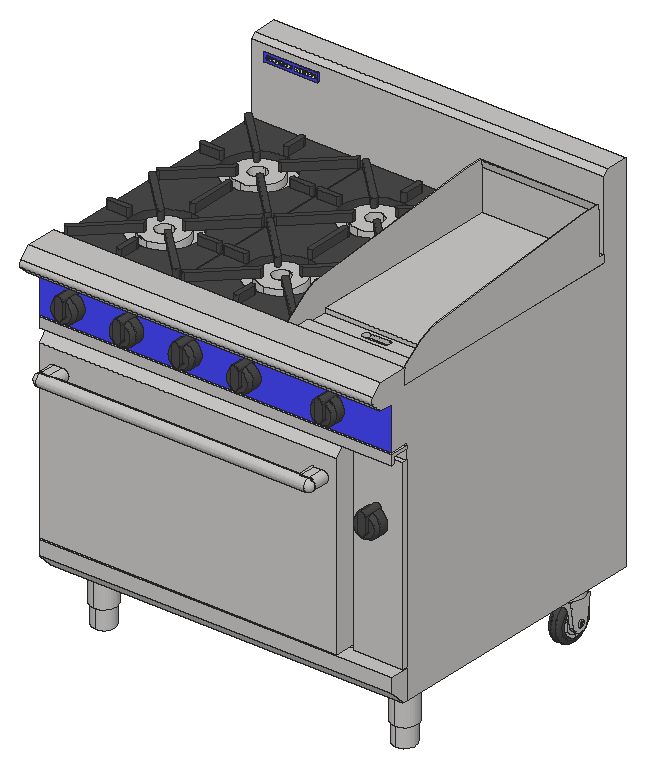
Revit family "QF_MOFFAT_BLUESEAL_CE_G506C", category Specialty Equipment, Revit 2012 (continued)
Automatic sketch dimensions
  Extrusion 24 sketch curve to Extrusion 24 sketch curve = 36.5 mm
  Extrusion 25 sketch curve to plane 19 = 0 mm
  Extrusion 25 sketch curve to plane 19 = 19.393 mm
  Extrusion 25 sketch curve to plane 19 = 31.75 mm
  plane 19 to Extrusion 25 sketch curve = 19.393 mm
  plane 19 to Extrusion 25 sketch curve = 31.75 mm
  level to Extrusion 25 sketch curve = 45.111 mm
  Extrusion 25 sketch curve to Extrusion 25 sketch curve = 4.889 mm
  Extrusion 25 sketch curve to Extrusion 25 sketch curve = 64.889 mm
  Revolve 26 sketch curve to plane 19 = 0 mm  (x2)
  Revolve 26 sketch curve to plane 19 = 35.75 mm
  Revolve 26 sketch curve to level = 55 mm
  level to Revolve 26 sketch curve = 50 mm
  Revolve 26 sketch curve to Revolve 26 sketch curve = 60 mm
  Revolve 26 sketch curve to Revolve 26 sketch curve = 40 mm
  Revolve 27 sketch curve to plane 19 = 0 mm  (x2)
  Revolve 27 sketch curve to plane 19 = 35.75 mm
  level to Revolve 27 sketch curve = 150 mm
  Revolve 27 sketch curve to Revolve 27 sketch curve = 40 mm
  level to Revolve 27 sketch curve = 50 mm
  Revolve 27 sketch curve to level = 55 mm
  Revolve 28 sketch curve to plane 16 = 34.382 mm
  Revolve 28 sketch curve to Revolve 28 sketch curve = 1.27 mm  (x4)
  Revolve 28 sketch curve to Revolve 28 sketch curve = 1.524 mm  (x2)
  Revolve 28 sketch curve to Revolve 28 sketch curve = 12.146 mm  (x2)
  Revolve 28 sketch curve to plane 16 = 16.68 mm
  Revolve 28 sketch curve to Revolve 28 sketch curve = 0.794 mm  (x2)
  Revolve 28 sketch curve to Revolve 28 sketch curve = 3.57 mm
  Revolve 28 sketch curve to Revolve 28 sketch curve = 2.143 mm
  Revolve 28 sketch curve to plane 16 = 6.361 mm
  plane 16 to Revolve 28 sketch curve = 5.13 mm
  plane 16 to Revolve 28 sketch curve = 6.339 mm
  plane 16 to Revolve 28 sketch curve = 14.515 mm
  Revolve 28 sketch curve to Revolve 28 sketch curve = 1.349 mm  (x2)
  Revolve 28 sketch curve to Revolve 28 sketch curve = 3.556 mm
  Revolve 28 sketch curve to plane 4 "RIGHT" = 2.18 mm
  level to Revolve 28 sketch curve = 50.8 mm
  Revolve 28 sketch curve to Revolve 28 sketch curve = 0 mm
  Revolve 28 sketch curve to Revolve 28 sketch curve = 3.505 mm  (x2)
  Revolve 28 sketch curve to Revolve 28 sketch curve = 3.447 mm  (x2)
  Revolve 28 sketch curve to Revolve 28 sketch curve = 9.964 mm
  Revolve 28 sketch curve to Revolve 28 sketch curve = 10.045 mm
  Revolve 28 sketch curve to Revolve 28 sketch curve = 2.053 mm
  Revolve 28 sketch curve to Revolve 28 sketch curve = 2.061 mm
  Revolve 28 sketch curve to Revolve 28 sketch curve = 8.247 mm
  Revolve 28 sketch curve to Revolve 28 sketch curve = 8.336 mm
  Revolve 28 sketch curve to Revolve 28 sketch curve = 6.35 mm  (x2)
  Extrusion 29 sketch curve to plane 19 = 0 mm
  Extrusion 29 sketch curve to plane 19 = 19.393 mm
  Extrusion 29 sketch curve to plane 19 = 31.75 mm
  plane 19 to Extrusion 29 sketch curve = 19.393 mm
  plane 19 to Extrusion 29 sketch curve = 31.75 mm
  level to Extrusion 29 sketch curve = 45.111 mm
  Extrusion 29 sketch curve to Extrusion 29 sketch curve = 4.889 mm
  Extrusion 29 sketch curve to Extrusion 29 sketch curve = 64.889 mm
  Revolve 30 sketch curve to level = 0 mm
  Revolve 30 sketch curve to plane 19 = 0 mm  (x2)
  Revolve 30 sketch curve to Revolve 30 sketch curve = 27.5 mm
  Revolve 30 sketch curve to Revolve 30 sketch curve = 31.75 mm
  Revolve 30 sketch curve to level = 55 mm
  Revolve 30 sketch curve to Revolve 30 sketch curve = 50 mm
  Revolve 30 sketch curve to Revolve 30 sketch curve = 0 mm
  Revolve 30 sketch curve to Revolve 30 sketch curve = 100 mm
  Revolve 31 sketch curve to level = 0 mm
  Revolve 31 sketch curve to plane 19 = 0 mm  (x2)
  Revolve 31 sketch curve to Revolve 31 sketch curve = 27.5 mm
  Revolve 31 sketch curve to Revolve 31 sketch curve = 31.75 mm
  level to Revolve 31 sketch curve = 50 mm
  Revolve 31 sketch curve to Revolve 31 sketch curve = 0 mm
  Revolve 31 sketch curve to Revolve 31 sketch curve = 100 mm
  Revolve 31 sketch curve to Revolve 31 sketch curve = 55 mm
  plane 14 to Revolve 32 sketch curve = 25.382 mm
  Revolve 32 sketch curve to Revolve 32 sketch curve = 1.27 mm  (x4)
  Revolve 32 sketch curve to Revolve 32 sketch curve = 1.524 mm  (x2)
  plane 14 to Revolve 32 sketch curve = 10.442 mm
  plane 14 to Revolve 32 sketch curve = 7.68 mm
  Revolve 32 sketch curve to Revolve 32 sketch curve = 0.794 mm  (x2)
  Revolve 32 sketch curve to Revolve 32 sketch curve = 3.57 mm
  Revolve 32 sketch curve to Revolve 32 sketch curve = 2.143 mm
  Revolve 32 sketch curve to plane 14 = 2.639 mm
  Revolve 32 sketch curve to plane 11 = 0.13 mm
  Revolve 32 sketch curve to plane 11 = 1.339 mm
  Revolve 32 sketch curve to plane 11 = 9.515 mm
  Revolve 32 sketch curve to Revolve 32 sketch curve = 1.349 mm  (x2)
  Revolve 32 sketch curve to Revolve 32 sketch curve = 3.556 mm
  Revolve 32 sketch curve to Revolve 32 sketch curve = 12.146 mm
  Revolve 32 sketch curve to plane 3 "LEFT" = 2.68 mm
  level to Revolve 32 sketch curve = 101.6 mm
  Revolve 32 sketch curve to Revolve 32 sketch curve = 6.35 mm  (x4)
  Revolve 32 sketch curve to Revolve 32 sketch curve = 8.247 mm
  Revolve 32 sketch curve to Revolve 32 sketch curve = 8.336 mm
  Revolve 32 sketch curve to Revolve 32 sketch curve = 2.061 mm
  Revolve 32 sketch curve to Revolve 32 sketch curve = 2.053 mm
  Revolve 32 sketch curve to Revolve 32 sketch curve = 10.045 mm
  Revolve 32 sketch curve to Revolve 32 sketch curve = 9.964 mm
  Revolve 32 sketch curve to Revolve 32 sketch curve = 3.447 mm  (x2)
  Revolve 32 sketch curve to Revolve 32 sketch curve = 3.505 mm
  plane 21 to Extrusion 33 sketch curve = 0 mm
  Extrusion 33 sketch curve to plane 21 = 3 mm  (x2)
  plane 10 to Extrusion 33 sketch curve = 36.504 mm
  plane 12 to Extrusion 33 sketch curve = 67.472 mm
  plane 19 to Extrusion 33 sketch curve = 26 mm  (x2)
  Extrusion 33 sketch curve to Extrusion 33 sketch curve = 3 mm
  plane 14 to Extrusion 33 sketch curve = 76 mm  (x2)
  plane 9 to Extrusion 33 sketch curve = 17 mm
  Extrusion 34 sketch curve to Extrusion 33 = 19.102 mm  (x4)
  Extrusion 34 sketch curve to Extrusion 34 sketch curve = 4.525 mm  (x32)
  Extrusion 34 sketch curve to Extrusion 33 = 27.593 mm  (x2)
  Extrusion 34 sketch curve to Extrusion 34 sketch curve = 48.456 mm  (x8)
  Extrusion 34 sketch curve to Extrusion 34 sketch curve = 50.976 mm  (x2)
  Extrusion 34 sketch curve to Extrusion 34 sketch curve = 0 mm  (x11)
  Extrusion 33 to Extrusion 34 sketch curve = 9.908 mm  (x2)
  Extrusion 34 sketch curve to Extrusion 34 sketch curve = 27.39 mm  (x4)
  Extrusion 34 sketch curve to Extrusion 34 sketch curve = 6.4 mm  (x14)
  Extrusion 34 sketch curve to Extrusion 34 sketch curve = 20.658 mm  (x4)
  Extrusion 34 sketch curve to Extrusion 34 sketch curve = 55.923 mm  (x2)
  Extrusion 33 to Extrusion 34 sketch curve = 6.102 mm  (x3)
  Extrusion 34 sketch curve to Extrusion 34 sketch curve = 128.581 mm  (x3)
  Extrusion 34 sketch curve to Extrusion 33 = 6.102 mm  (x2)
  Extrusion 34 sketch curve to Extrusion 33 = 5.102 mm  (x3)
  Extrusion 34 sketch curve to Extrusion 33 = 14.153 mm
  Extrusion 34 sketch curve to Extrusion 34 sketch curve = 12.205 mm  (x4)
  Extrusion 34 sketch curve to Extrusion 33 = 15.153 mm  (x2)
  Extrusion 33 to Extrusion 34 sketch curve = 15.153 mm
  Extrusion 34 sketch curve to Extrusion 34 sketch curve = 112.454 mm  (x2)
  Extrusion 34 sketch curve to Extrusion 34 sketch curve = 59.673 mm  (x2)
  Extrusion 34 sketch curve to Extrusion 34 sketch curve = 17.024 mm  (x3)
  Extrusion 34 sketch curve to Extrusion 34 sketch curve = 46.847 mm  (x4)
  Extrusion 34 sketch curve to Extrusion 34 sketch curve = 62.169 mm  (x2)
  Extrusion 34 sketch curve to Extrusion 33 = 36.153 mm  (x3)
  Extrusion 34 sketch curve to Extrusion 33 = 23.4 mm  (x2)
  Extrusion 34 sketch curve to Extrusion 33 = 9.156 mm  (x2)
  Extrusion 34 sketch curve to Extrusion 34 sketch curve = 55.413 mm  (x4)
  Extrusion 34 sketch curve to Extrusion 34 sketch curve = 20.524 mm  (x6)
  Extrusion 34 sketch curve to Extrusion 34 sketch curve = 53.847 mm  (x8)
  Extrusion 34 sketch curve to Extrusion 33 = 58.364 mm
  Extrusion 34 sketch curve to Extrusion 34 sketch curve = 55.661 mm  (x4)
  Extrusion 34 sketch curve to Extrusion 33 = 9.908 mm  (x2)
  Extrusion 34 sketch curve to Extrusion 34 sketch curve = 128.447 mm  (x3)
  Extrusion 36 sketch curve to plane 7 "Center Y" = 0 mm  (x2)
  plane 21 to Extrusion 36 sketch curve = 0 mm
  Extrusion 36 sketch curve to plane 21 = 3 mm  (x2)
  plane 10 to Extrusion 36 sketch curve = 36.504 mm
  plane 12 to Extrusion 36 sketch curve = 67.472 mm
  plane 19 to Extrusion 36 sketch curve = 26 mm  (x2)
  Extrusion 36 sketch curve to Extrusion 36 sketch curve = 3 mm
  plane 9 to Extrusion 36 sketch curve = 23 mm
  curve 23 to curve 27 = 0 mm  (x2)
  curve 37 to curve 39 = 0 mm  (x2)
  curve 37 to curve 41 = 0 mm  (x2)
  curve 45 to curve 47 = 0 mm  (x2)
  curve 51 to curve 53 = 0 mm  (x2)
  curve 51 to curve 55 = 0 mm  (x2)
  curve 49 to plane 7 "Center Y" = 0 mm
  curve 45 to plane 7 "Center Y" = 0 mm
  curve 51 to plane 7 "Center Y" = 0 mm
  plane 12 to curve 42 = 45.472 mm
  plane 14 to curve 42 = 76 mm
  plane 14 to curve 28 = 76 mm
  curve 26 to curve 23 = 0 mm
  curve 39 to curve 41 = 22 mm
  plane 12 to curve 55 = 67.472 mm
  curve 55 to curve 51 = 22 mm
  curve 54 to curve 55 = 35 mm
  curve 39 to curve 41 = 35 mm
  curve 38 to curve 39 = 28 mm
  curve 51 to curve 53 = 28 mm
  curve 25 to plane 8 "Center X" = 46.768 mm
  curve 50 to plane 8 "Center X" = 46.768 mm
  curve 49 to curve 46 = 27.732 mm
  curve 25 to curve 23 = 27.732 mm
  curve 45 to curve 48 = 35 mm
  curve 23 to curve 28 = 35 mm
  curve 27 to curve 28 = 22 mm
  curve 47 to curve 45 = 22 mm
  curve 23 to curve 25 = 0.268 mm
  curve 45 to curve 50 = 0.268 mm
  Extrusion 35 sketch curve to Extrusion 35 sketch curve = 0 mm  (x8)
  Extrusion 35 sketch curve to plane 7 "Center Y" = 0 mm  (x2)
  plane 12 to Extrusion 35 sketch curve = 67.472 mm  (x2)
  plane 10 to Extrusion 35 sketch curve = 36.772 mm  (x2)
  plane 14 to Extrusion 35 sketch curve = 76 mm  (x2)
  plane 1 "BACK" to curve 1 = 0 mm
  curve 1 to plane 3 "LEFT" = 0 mm
  plane 5 "FRONT" to curve 9 = 0 mm
  plane 21 to curve 6 = 0 mm
  plane 3 "LEFT" to curve 31 = 8.27 mm
  plane 3 "LEFT" to curve 44 = 8.27 mm
  plane 3 "LEFT" to curve 34 = 8.27 mm
  plane 3 "LEFT" to curve 29 = 8.27 mm
  plane 3 "LEFT" to curve 20 = 9.26 mm
  plane 3 "LEFT" to curve 35 = 9.26 mm
  plane 3 "LEFT" to curve 9 = 22.65 mm
  curve 10 to plane 11 = 11.111 mm
  curve 9 to plane 11 = 9.192 mm
  curve 20 to plane 11 = 0.74 mm
  curve 35 to plane 11 = 0.74 mm
  plane 14 to curve 34 = 47.407 mm
  plane 14 to curve 44 = 47.407 mm
  plane 14 to curve 29 = 47.407 mm
  plane 10 to curve 31 = 11.679 mm
  plane 14 to curve 31 = 47.407 mm
  curve 18 to plane 12 = 26.806 mm
  curve 34 to curve 18 = 28.581 mm
  curve 19 to plane 21 = 23.732 mm
  plane 14 to curve 19 = 76.034 mm
  curve 44 to curve 32 = 28.628 mm
  curve 44 to curve 43 = 57.187 mm
  plane 12 to curve 33 = 35.379 mm
  curve 34 to curve 33 = 57.187 mm
  curve 29 to curve 21 = 57.187 mm
  plane 10 to curve 30 = 11.679 mm
  curve 30 to curve 21 = 0 mm
  curve 36 to plane 9 = 39.959 mm
  curve 22 to plane 9 = 39.959 mm
  plane 9 to curve 43 = 11.73 mm
  plane 9 to curve 33 = 11.73 mm
  plane 9 to curve 30 = 11.73 mm
  plane 9 to curve 21 = 11.73 mm
  plane 9 to curve 22 = 11.767 mm
  plane 9 to curve 36 = 11.767 mm
  curve 15 to plane 21 = 3.3 mm
  plane 9 to curve 15 = 20 mm
  plane 8 "Center X" to curve 62 = 6.73 mm
  curve 21 to curve 62 = 16.539 mm
  curve 30 to curve 64 = 16.539 mm
  curve 33 to curve 67 = 16.539 mm
  plane 19 to curve 71 = 7.73 mm
  curve 43 to curve 71 = 16.539 mm
  curve 22 to curve 59 = 17.493 mm
  curve 36 to curve 68 = 17.493 mm
  curve 59 to curve 59 = 50 mm
  curve 68 to curve 68 = 50 mm
  plane 10 to curve 64 = 11.679 mm
  curve 64 to plane 7 "Center Y" = 28.593 mm
  curve 71 to plane 7 "Center Y" = 28.593 mm
  curve 62 to plane 7 "Center Y" = 28.593 mm
  curve 67 to plane 7 "Center Y" = 28.593 mm
  curve 57 to plane 7 "Center Y" = 0.012 mm
  plane 7 "Center Y" to curve 58 = 0.034 mm
  plane 7 "Center Y" to curve 65 = 0.034 mm
  plane 10 to curve 63 = 11.679 mm
  plane 7 "Center Y" to curve 63 = 28.593 mm
  plane 7 "Center Y" to curve 60 = 28.593 mm
  plane 7 "Center Y" to curve 66 = 28.593 mm
  plane 7 "Center Y" to curve 70 = 28.593 mm
  curve 66 to curve 69 = 61.447 mm
  curve 63 to curve 61 = 61.447 mm
  plane 8 "Center X" to curve 60 = 6.73 mm
  plane 7 "Center Y" to curve 60 = 141.73 mm
  plane 19 to curve 70 = 7.73 mm
  plane 7 "Center Y" to curve 70 = 141.73 mm
  curve 66 to plane 13 = 17.758 mm
  curve 66 to curve 60 = 0 mm
  curve 63 to plane 21 = 29.27 mm
  plane 7 "Center Y" to curve 63 = 141.73 mm
  curve 69 to curve 69 = 51.727 mm
  curve 61 to curve 61 = 51.727 mm
  curve 70 to curve 16 = 8.27 mm
  plane 5 "FRONT" to curve 10 = 14.544 mm
  curve 10 to plane 16 = 112.642 mm
  curve 11 to curve 11 = 25.191 mm
  curve 13 to plane 16 = 74.5 mm
  curve 12 to curve 10 = 392.303 mm
  curve 58 to plane 21 = 23.732 mm
  curve 7 to curve 31 = 25.97 mm
  curve 15 to curve 64 = 25.97 mm
  curve 30 to curve 64 = 0 mm
  curve 58 to curve 58 = 52.71 mm
  curve 19 to curve 19 = 52.71 mm
  plane 10 to curve 61 = 36.638 mm
  plane 10 to curve 22 = 36.638 mm
  plane 10 to curve 59 = 36.638 mm
  plane 10 to curve 20 = 36.638 mm
  curve 31 to curve 29 = 50.187 mm
  curve 63 to curve 60 = 50.187 mm
  curve 30 to curve 21 = 50.187 mm
  curve 64 to curve 62 = 50.187 mm
  curve 18 to plane 8 "Center X" = 42.358 mm
  curve 57 to plane 8 "Center X" = 42.358 mm
  plane 8 "Center X" to curve 21 = 6.73 mm
  plane 8 "Center X" to curve 29 = 6.73 mm
  curve 21 to curve 33 = 16.539 mm
  curve 33 to curve 67 = 0 mm
  curve 17 to curve 34 = 8.27 mm
  curve 57 to plane 12 = 26.806 mm
  plane 12 to curve 34 = 35.379 mm
  plane 12 to curve 66 = 35.379 mm
  plane 12 to curve 67 = 35.379 mm
  plane 12 to curve 36 = 63.972 mm
  curve 36 to curve 68 = 0 mm
  plane 12 to curve 69 = 63.972 mm
  plane 12 to curve 35 = 63.972 mm
  curve 33 to curve 43 = 64.187 mm
  curve 67 to curve 71 = 64.187 mm
  curve 71 to curve 70 = 0 mm
  curve 44 to curve 43 = 0 mm
  curve 32 to plane 19 = 49.16 mm
  curve 65 to plane 19 = 49.16 mm
  plane 19 to curve 65 = 3.719 mm
  plane 19 to curve 32 = 3.719 mm
  plane 19 to curve 44 = 7.73 mm
  plane 19 to curve 43 = 7.73 mm
  curve 43 to curve 15 = 19.536 mm
  curve 8 to curve 4 = 2.734 mm
  Split face 1 sketch curve to cut or joined group of Extrusion 1, Extrusion 19 = 27.115 mm
  Split face 1 sketch curve to cut or joined group of Extrusion 1, Extrusion 19 = 626.545 mm
  Split face 1 sketch curve to Split face 1 sketch curve = 4.041 mm  (x4)
  Split face 1 sketch curve to Split face 1 sketch curve = 8.66 mm  (x2)
  Split face 1 sketch curve to cut or joined group of Extrusion 1, Extrusion 19 = 12.115 mm
  Split face 1 sketch curve to Split face 1 sketch curve = 223.917 mm
  Split face 1 sketch curve to Split face 1 sketch curve = 7 mm  (x3)
  Split face 1 sketch curve to Split face 1 sketch curve = 17 mm
  Split face 2 sketch curve to cut or joined group of Extrusion 1, Extrusion 19 = 27.115 mm
  Split face 2 sketch curve to cut or joined group of Extrusion 1, Extrusion 19 = 326.545 mm
  Split face 2 sketch curve to cut or joined group of Extrusion 1, Extrusion 19 = 23.385 mm
  Split face 2 sketch curve to Split face 2 sketch curve = 4.041 mm  (x3)
  Split face 2 sketch curve to Split face 2 sketch curve = 8.66 mm  (x3)
  Split face 2 sketch curve to cut or joined group of Extrusion 1, Extrusion 19 = 12.115 mm
  Split face 2 sketch curve to Split face 2 sketch curve = 223.917 mm
  Split face 2 sketch curve to cut or joined group of Extrusion 1, Extrusion 19 = 18.385 mm
  Split face 2 sketch curve to Split face 2 sketch curve = 10 mm
  Split face 2 sketch curve to Split face 2 sketch curve = 7 mm
  Split face 3 sketch curve to cut or joined group of Extrusion 1, Extrusion 19 = 27.115 mm
  Split face 3 sketch curve to cut or joined group of Extrusion 1, Extrusion 19 = 26.545 mm
  Split face 3 sketch curve to cut or joined group of Extrusion 1, Extrusion 19 = 23.385 mm
  Split face 3 sketch curve to Split face 3 sketch curve = 4.041 mm  (x4)
  Split face 3 sketch curve to Split face 3 sketch curve = 8.66 mm  (x2)
  Split face 3 sketch curve to cut or joined group of Extrusion 1, Extrusion 19 = 22.115 mm
  Split face 3 sketch curve to Split face 3 sketch curve = 223.917 mm
  Split face 3 sketch curve to cut or joined group of Extrusion 1, Extrusion 19 = 17.115 mm
  Split face 3 sketch curve to Split face 3 sketch curve = 17 mm
  Split face 3 sketch curve to Split face 3 sketch curve = 7 mm
  curve 78 to plane 17 = 1.385 mm
  plane 3 "LEFT" to curve 78 = 24.134 mm
  curve 78 to plane 17 = 8.385 mm
  curve 78 to curve 78 = 4.041 mm
  plane 17 to curve 79 = 3.615 mm
  curve 79 to curve 79 = 8.66 mm
  curve 77 to curve 77 = 8.66 mm
  plane 17 to curve 73 = 3.615 mm
  curve 73 to plane 9 = 19.247 mm
  curve 75 to plane 17 = 3.385 mm
  curve 73 to curve 75 = 4.041 mm
  plane 17 to curve 74 = 8.615 mm
  plane 17 to curve 75 = 1.615 mm
  curve 75 to plane 9 = 6.545 mm
  curve 81 to plane 17 = 1.385 mm
  plane 9 to curve 81 = 44.134 mm
  curve 82 to curve 83 = 4.041 mm
  curve 81 to curve 80 = 8.66 mm
  curve 83 to plane 17 = 3.385 mm
  curve 81 to curve 83 = 4.041 mm
  plane 17 to curve 87 = 13.615 mm
  curve 87 to curve 16 = 39.247 mm
  curve 85 to plane 17 = 3.385 mm
  curve 87 to curve 85 = 4.041 mm
  plane 17 to curve 86 = 8.615 mm
  curve 80 to curve 86 = 8.66 mm
  plane 17 to curve 85 = 1.615 mm
  curve 86 to curve 85 = 4.041 mm
  curve 94 to plane 17 = 1.385 mm
  curve 16 to curve 94 = 24.134 mm
  curve 94 to plane 17 = 8.385 mm
  curve 94 to curve 94 = 4.041 mm
  plane 17 to curve 88 = 13.615 mm
  curve 95 to curve 88 = 8.66 mm
  curve 94 to curve 92 = 8.66 mm
  plane 16 to curve 88 = 26.253 mm
  curve 89 to curve 92 = 4.041 mm
  plane 17 to curve 90 = 8.615 mm
  curve 88 to curve 90 = 8.66 mm
  plane 17 to curve 90 = 1.615 mm
  curve 89 to curve 90 = 4.041 mm
  curve 93 to curve 94 = 5 mm
  plane 8 "Center X" to curve 17 = 15 mm
  curve 60 to curve 17 = 9.686 mm
  curve 4 to curve 96 = 12.5 mm
  curve 97 to plane 5 "FRONT" = 28.03 mm
  plane 21 to Extrusion 2 sketch curve = 44 mm
  plane 18 to Extrusion 2 sketch curve = 21 mm
  Extrusion 2 sketch curve to Extrusion 2 sketch curve = 24 mm
  Extrusion 24 sketch curve to plane 21 = 6 mm
  level to Extrusion 24 sketch curve = 150 mm
  Extrusion 24 sketch curve to Extrusion 24 sketch curve = 36 mm
  plane 21 to Extrusion 24 sketch curve = 8 mm
  radius of Extrusion 6 sketch curve = 10 mm
  radius of Extrusion 33 sketch curve = 85 mm  (x2)
  radius of Extrusion 36 sketch curve = 85 mm  (x2)
  radius of Extrusion 35 sketch curve = 57 mm  (x4)
  radius of Extrusion 35 sketch curve = 22 mm  (x4)
Nested families
  nested 1: "WALDORF LOGO_FACE BASE" at (32, -70, 1056.385) x (1, 0, 0) z (0, -1, 0), visible <- "Show Logo", type "WALDORF LOGO_FACE BASE", detail levels medium+fine
    with Show Logo yes
  nested 2: "GAS GRIDDLE PLATE 300" at (600, -85, 875), type "GAS GRIDDLE PLATE 300"
    with Width 300 mm, Type Mark "", Status "", Specification by User "", Revision Code "", Item Number "", Installed By "", Identify Quantity as Lot yes, Furnished By "", Foodservice Equipment Identifier yes, Depth 620 mm
Connectors
  piping at (770, -32, 655)
    settings: on Extrusion 6, index 4, connector radius 0.37402", flow factor 0, pipe flow 0 GPM, pressure drop 0.00 psi, fitting loss kfactor 0, connector angle 0.00°, fixture units 0, engagement length 0 mm, flow configuration 1, flow direction 1, fitting loss method 0, system type 7, joint type 0, gender type 0, connector reference index -1, connector utility 0, adjustable connector no, is connector primary yes, fitting loss table "", connector description "GAS CONNECTION"
Definition of nested family "WALDORF LOGO_FACE BASE"
  Parameters (values of type "WALDORF LOGO_FACE BASE")
    Show Logo [instance] = yes
    Default Elevation = 1219.2 mm
  Reference planes
    plane 1 "Center (Front/Back)": y = 0
    plane 2: z = 0
    plane 3 "Center (Left/Right)": x = 0
  Forms (mm)
    Extrusion 1, solid
      sketch origin (0, 0, 0) x (1, 0, 0) y (0, 1, 0)
        loop
          line (-1219.2, 1219.2) -> (-1219.2, -1219.2) -> (1219.2, -1219.2) -> (1219.2, 1219.2) -> (-1219.2, 1219.2)
      from 0 to -304.8
    Extrusion 2, solid, material "QF_Finishes_Blue", visible <- "Show Logo"
      sketch origin (0, -33.217, 0) x (1, 0, 0) y (0, 1, 0)
        loop
          arc (138, 31.942) -> (137.626, 32.844) -> (136.724, 33.217) r 1.276
          line (136.724, 33.217) -> (1.29, 33.217)
          arc (1.29, 33.217) -> (0.378, 32.839) -> (0, 31.927) r 1.29
          line (0, 31.927) -> (0, 11.507)
          arc (0, 11.507) -> (0.378, 10.595) -> (1.29, 10.217) r 1.29
          line (1.29, 10.217) -> (136.71, 10.217)
          arc (136.71, 10.217) -> (137.622, 10.595) -> (138, 11.507) r 1.29
          line (138, 11.507) -> (138, 31.942)
      from 0 to 1.588
    Extrusion 3, solid, material "QF_Finishes_White", visible <- "Show Logo"
      sketch origin (0, -33.217, 1.588) x (1, 0, 0) y (0, 1, 0)
        loop
          arc (108.946, 25.919) -> (107.613, 25.367) -> (107.061, 24.034) r 1.885
          line (107.061, 24.034) -> (107.061, 17.211) -> (112.704, 17.211) -> (112.704, 19.129) -> (115.546, 19.129) -> (115.546, 17.211) -> (121.584, 17.211) -> (121.584, 24.075)
          arc (121.584, 24.075) -> (121.043, 25.379) -> (119.739, 25.919) r 1.845
          line (119.739, 25.919) -> (108.946, 25.919)
        loop
          line (123.478, 25.919) -> (123.478, 17.163) -> (134.904, 17.163) -> (134.904, 19.129) -> (129.246, 19.129) -> (129.246, 25.919) -> (123.478, 25.919)
        loop
          line (112.704, 21.258) -> (115.546, 21.258) -> (115.546, 22.702)
          arc (115.546, 22.702) -> (115.344, 23.188) -> (114.858, 23.389) r 0.687
          line (114.858, 23.389) -> (113.363, 23.389)
          arc (113.363, 23.389) -> (112.897, 23.196) -> (112.704, 22.73) r 0.658
          line (112.704, 22.73) -> (112.704, 21.258)
        loop
          line (105.071, 25.919) -> (93.771, 25.919) -> (93.771, 17.163) -> (105.071, 17.163) -> (105.071, 19.063) -> (99.535, 19.063) -> (99.535, 20.437) -> (105.071, 20.437) -> (105.071, 22.278) -> (99.535, 22.278) -> (99.535, 23.587) -> (105.071, 23.587) -> (105.071, 25.919)
        loop
          line (91.104, 25.919) -> (79.541, 25.919)
          arc (79.541, 25.919) -> (78.558, 25.513) -> (78.152, 24.53) r 1.389
          line (78.152, 24.53) -> (78.152, 22.08)
          arc (78.152, 22.08) -> (78.558, 21.098) -> (79.541, 20.691) r 1.389
          line (79.541, 20.691) -> (86.346, 20.691) -> (86.346, 18.864) -> (83.266, 18.864) -> (83.266, 19.664) -> (78.152, 19.664) -> (78.152, 18.553)
          arc (78.152, 18.553) -> (78.558, 17.57) -> (79.541, 17.163) r 1.389
          line (79.541, 17.163) -> (91.063, 17.163)
          arc (91.063, 17.163) -> (92.045, 17.57) -> (92.452, 18.553) r 1.389
          line (92.452, 18.553) -> (92.452, 20.691)
          arc (92.452, 20.691) -> (92.045, 21.673) -> (91.063, 22.08) r 1.389
          line (91.063, 22.08) -> (83.266, 22.08) -> (83.266, 23.984) -> (86.346, 23.984) -> (86.346, 22.743) -> (92.452, 22.743) -> (92.452, 24.571)
          arc (92.452, 24.571) -> (92.057, 25.524) -> (91.104, 25.919) r 1.348
        loop
          line (70.705, 25.919) -> (59.405, 25.919) -> (59.405, 17.163) -> (70.705, 17.163) -> (70.705, 19.063) -> (65.169, 19.063) -> (65.169, 20.437) -> (70.705, 20.437) -> (70.705, 22.278) -> (65.169, 22.278) -> (65.169, 23.587) -> (70.705, 23.587) -> (70.705, 25.919)
        loop
          line (57.598, 25.919) -> (51.7, 25.919) -> (51.7, 20.18)
          arc (51.7, 20.18) -> (50.63, 19.11) -> (49.56, 20.18) r 1.07
          line (49.56, 20.18) -> (49.56, 25.919) -> (43.663, 25.919) -> (43.663, 19.049)
          arc (43.663, 19.049) -> (44.215, 17.716) -> (45.548, 17.163) r 1.885
          line (45.548, 17.163) -> (55.71, 17.163)
          arc (55.71, 17.163) -> (57.045, 17.716) -> (57.598, 19.051) r 1.887
          line (57.598, 19.051) -> (57.598, 25.919)
        loop
          line (31.62, 25.919) -> (31.62, 17.163) -> (43.046, 17.163) -> (43.046, 19.129) -> (37.388, 19.129) -> (37.388, 25.919) -> (31.62, 25.919)
        loop
          line (15.969, 25.919) -> (15.969, 17.163) -> (28.693, 17.163)
          arc (28.693, 17.163) -> (29.812, 17.627) -> (30.276, 18.746) r 1.582
          line (30.276, 18.746) -> (30.276, 20.447) -> (29.48, 21.243) -> (30.276, 22.039) -> (30.276, 24.332)
          arc (30.276, 24.332) -> (29.811, 25.454) -> (28.688, 25.919) r 1.587
          line (28.688, 25.919) -> (15.969, 25.919)
        loop
          line (21.449, 24.159) -> (21.449, 22.436) -> (23.862, 22.436)
          arc (23.862, 22.436) -> (24.723, 23.298) -> (23.862, 24.159) r 0.861
          line (23.862, 24.159) -> (21.449, 24.159)
        loop
          line (21.449, 20.244) -> (21.449, 18.522) -> (23.862, 18.522)
          arc (23.862, 18.522) -> (24.723, 19.383) -> (23.862, 20.244) r 0.861
          line (23.862, 20.244) -> (21.449, 20.244)
      from 0 to 0.2
    Extrusion 4, solid, material "QF_Finishes_Blue", visible <- "Show Logo"
      sketch origin (-126.498, -31.09, 1.588) x (1, 0, 0) y (0, 1, 0)
        loop
          line (136.738, 23.522) -> (136.738, 15.1)
          arc (136.738, 15.1) -> (140.756, 19.311) -> (136.738, 23.522) r 4.216
      from 0 to 0.2
    Extrusion 5, solid, material "QF_Finishes_Red", visible <- "Show Logo"
      sketch origin (146.849, -31.09, 1.588) x (-1, 0, 0) y (0, -1, 0)
        loop
          arc (136.738, -23.522) -> (140.756, -19.311) -> (136.738, -15.1) r 4.216
          line (136.738, -15.1) -> (136.738, -23.522)
      from 0 to 0.2
  Lines and regions (mm)
    Split face 1
      outline origin (-90.35, -30.793, 1.588) x (1, 0, 0) y (0, 1, 0)
        loop
          circle (100.54, 19.013) r 4.536
  Dimensions and locks
    aligned and locked: plane 2 to Extrusion 1
    aligned and locked: level to Extrusion 1
Definition of nested family "GAS GRIDDLE PLATE 300"
  Parameters (values of type "GAS GRIDDLE PLATE 300")
    Width [instance] = 300 mm
    Weight in Pounds = 0
    URL Cutsheet = ""
    Type Mark [instance] = ""
    Status [instance] = ""
    Specification by User [instance] = ""
    Specification by Manufacturer = ""
    Serial Number = ""
    Seismic Rating = ""
    SMACNA No = ""
    Revision Code [instance] = ""
    Omniclass Number and Title = ""
    NAFEM Spec ID Number = ""
    Masterspec = ""
    Item Number [instance] = ""
    Installed By [instance] = ""
    Identify Quantity as Lot [instance] = yes
    Furnished By [instance] = ""
    Foodservice Equipment Identifier [instance] = yes
    Depth [instance] = 620 mm
    CSI MasterFormat = ""
    CSI Master Format = ""
  Reference planes
    plane 1 "BACK": y = 0
    plane 2: z = 0
    plane 3 "LEFT": x = 0
    plane 4 "RIGHT": x = 300
    plane 5 "FRONT": y = -620
    plane 6 "TOP": z = 142.5
    plane 7 "Center Y": x = 150
    plane 8 "Center X": y = -310
    plane 9: y = -530.997
    plane 10: y = -541.497
    plane 11: y = -503.25
    plane 12: y = -557.737
  Forms (mm)
    Extrusion 1, solid, material "QF_Finishes_Stainless Steel"
      sketch origin (0, 70.003, -874.5) x (0, 1, 0) y (0, 0, 1)
        loop
          line (-70, 875) -> (-70, 997.489) -> (-75.228, 1017) -> (-117.24, 1017) -> (-589.533, 971.523)
          arc (-589.533, 971.523) -> (-614.56, 965.803) -> (-637.306, 953.899) r 100
          line (-637.306, 953.899) -> (-690.003, 917) -> (-690.003, 875) -> (-70, 875)
      from 0 to 1.8
    Extrusion 2, solid, material "QF_Finishes_Stainless Steel"
      sketch origin (600, 70.003, -874.5) x (0, -1, 0) y (0, 0, 1)
        loop
          line (70, 875) -> (690.003, 875) -> (690.003, 917) -> (637.306, 953.899)
          arc (637.306, 953.899) -> (614.56, 965.803) -> (589.533, 971.523) r 100
          line (589.533, 971.523) -> (117.24, 1017) -> (75.228, 1017) -> (70, 997.489) -> (70, 875)
      from 300 to 301.2
    Extrusion 3, solid, material "QF_Finishes_Stainless Steel"
      sketch origin (150, 70.003, -874.5) x (0, 1, 0) y (0, 0, 1)
        loop
          line (-55, 895) -> (-573.253, 895) -> (-573.253, 884.5) -> (-627.74, 884.5) -> (-627.74, 895) -> (-690.003, 895) -> (-690.003, 875) -> (-55, 875) -> (-55, 895)
      from -148.2 to 150
    Extrusion 4, void
      sketch origin (150, -541.497, 10) x (0, -1, 0) y (1, 0, 0)
        loop
          arc (-7.497, 25) -> (-17.497, 35) -> (-27.497, 25) r 10
          line (-27.497, 25) -> (-27.497, -25)
          arc (-27.497, -25) -> (-17.497, -35) -> (-7.497, -25) r 10
          line (-7.497, -25) -> (-7.497, 25)
      from -41.4 to 40.142
    Extrusion 5, solid, material "QF_Finishes_Stainless Steel"
      sketch origin (0, 70.003, -874.5) x (0, 1, 0) y (0, 0, 1)
        loop
          line (-70, 875) -> (-70, 997.489) -> (-75.228, 1017) -> (-76.884, 1017) -> (-71.6, 997.278) -> (-71.6, 875) -> (-70, 875)
      from 0 to 298.8
  Cuts and joins
    Extrusion 4 cuts Extrusion 3
    joined: Extrusion 1, Extrusion 2, Extrusion 3
  Lines and regions (mm)
    symbolic lines
      curve 1: line (300, -503.25, 0) -> (0, -503.25, 0)
      curve 2: line (0, -557.737, 0) -> (300, -557.737, 0)
      curve 3: line (0, -1.68, 0) -> (300, -1.68, 0)
      curve 4: line (300, -1.68, 0) -> (300, -620, 0)
      curve 5: line (0, -620, 0) -> (0, -1.68, 0)
      curve 6: line (0, -620, 0) -> (300, -620, 0)
      curve 7: arc (175, -534, 0) -> (185, -524, 0) -> (175, -514, 0) r 10
      curve 8: line (175, -514, 0) -> (125, -514, 0)
      curve 9: arc (125, -514, 0) -> (115, -524, 0) -> (125, -534, 0) r 10
      curve 10: line (125, -534, 0) -> (175, -534, 0)
  Dimensions and locks
    equal spacing: plane 3 "LEFT", plane 7 "Center Y", plane 4 "RIGHT"
    "Width": plane 3 "LEFT" to plane 4 "RIGHT"
    equal spacing: plane 5 "FRONT", plane 8 "Center X", plane 1 "BACK"
    "Depth": plane 5 "FRONT" to plane 1 "BACK"
    locked: Extrusion 2 to Extrusion 2 at 1.2
    equal spacing: Extrusion 4 sketch curve, plane 7 "Center Y", Extrusion 4 sketch curve, locked at 35 each
    aligned and locked: level to plane 2
    aligned and locked: Extrusion 2 to plane 4 "RIGHT"
    aligned and locked: curve 1 to plane 11
    aligned and locked: plane 12 to curve 2
    aligned and locked: Extrusion 5 to cut or joined group of Extrusion 1, Extrusion 2, Extrusion 3, Extrusion 4
  Automatic sketch dimensions
    Extrusion 1 sketch curve to plane 5 "FRONT" = 0 mm
    Extrusion 1 sketch curve to plane 6 "TOP" = 0 mm
    plane 12 to Extrusion 1 sketch curve = 9.566 mm
    plane 11 to Extrusion 1 sketch curve = 16.28 mm
    Extrusion 1 sketch curve to level = 2.516 mm
    plane 11 to Extrusion 1 sketch curve = 6.695 mm
    plane 1 "BACK" to Extrusion 1 sketch curve = 47.237 mm
    plane 1 "BACK" to Extrusion 1 sketch curve = 5.225 mm
    Extrusion 1 sketch curve to plane 1 "BACK" = 0.003 mm
    level to Extrusion 1 sketch curve = 0.5 mm
    Extrusion 1 sketch curve to Extrusion 1 sketch curve = 42 mm
    Extrusion 1 sketch curve to plane 6 "TOP" = 63.101 mm
    Extrusion 1 sketch curve to plane 6 "TOP" = 19.511 mm
    Extrusion 2 sketch curve to plane 6 "TOP" = 0 mm
    Extrusion 2 sketch curve to plane 5 "FRONT" = 0 mm
    plane 12 to Extrusion 2 sketch curve = 9.566 mm
    plane 11 to Extrusion 2 sketch curve = 16.28 mm
    Extrusion 2 sketch curve to level = 2.516 mm
    plane 11 to Extrusion 2 sketch curve = 6.695 mm
    plane 1 "BACK" to Extrusion 2 sketch curve = 47.237 mm
    plane 1 "BACK" to Extrusion 2 sketch curve = 5.225 mm
    Extrusion 2 sketch curve to plane 1 "BACK" = 0.003 mm
    level to Extrusion 2 sketch curve = 0.5 mm
    Extrusion 2 sketch curve to Extrusion 2 sketch curve = 42 mm
    Extrusion 2 sketch curve to plane 6 "TOP" = 63.101 mm
    Extrusion 2 sketch curve to plane 6 "TOP" = 19.511 mm
    Extrusion 3 sketch curve to plane 5 "FRONT" = 0 mm
    Extrusion 3 sketch curve to plane 12 = 0 mm
    Extrusion 3 sketch curve to plane 11 = 0 mm
    Extrusion 3 sketch curve to plane 1 "BACK" = 15.003 mm
    level to Extrusion 3 sketch curve = 0.5 mm
    level to Extrusion 3 sketch curve = 10 mm
    Extrusion 3 sketch curve to Extrusion 3 sketch curve = 10.5 mm  (x2)
    plane 11 to Extrusion 4 sketch curve = 10.75 mm
    Extrusion 4 sketch curve to Extrusion 4 sketch curve = 10 mm
    Extrusion 4 sketch curve to plane 7 "Center Y" = 25 mm
    plane 1 "BACK" to Extrusion 5 sketch curve = 5.225 mm
    Extrusion 5 sketch curve to plane 1 "BACK" = 0.003 mm
    Extrusion 5 sketch curve to plane 6 "TOP" = 19.511 mm
    Extrusion 5 sketch curve to Extrusion 5 sketch curve = 1.6 mm
    Extrusion 5 sketch curve to Extrusion 5 sketch curve = 0.211 mm
    Extrusion 5 sketch curve to plane 6 "TOP" = 0 mm
    Extrusion 5 sketch curve to Extrusion 5 sketch curve = 1.656 mm
    level to Extrusion 5 sketch curve = 0.5 mm
    curve 6 to plane 3 "LEFT" = 0 mm
    curve 4 to plane 4 "RIGHT" = 0 mm
    plane 5 "FRONT" to curve 6 = 0 mm
    plane 11 to curve 8 = 10.75 mm
    curve 8 to plane 7 "Center Y" = 25 mm
    plane 7 "Center Y" to curve 7 = 25 mm
    curve 10 to curve 7 = 20 mm
    plane 1 "BACK" to curve 3 = 1.68 mm
